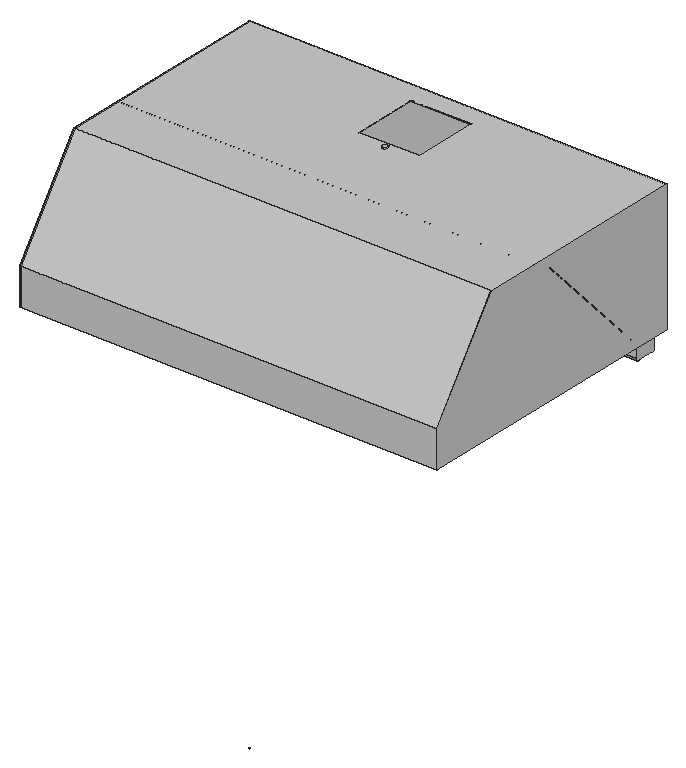
Revit family "QF_ELECTROLUXPROFESSIONAL_644221_ABPV1116BT", category Specialty Equipment, Revit 2014
Reference planes
  plane 1 "Center (Front/Back)": y = 0
  plane 2: z = 0
  plane 3 "Center (Left/Right)": x = 150
  plane 4 "LEFT": x = -650
  plane 5 "RIGHT": x = 950
  plane 6 "BACK": y = 550
  plane 7 "FRONT": y = -550
  plane 8 "TOP": z = 2500
  plane 9 "Base": z = 2000
  plane 10: z = 1926
  plane 11 "DrainY": y = 485
  plane 12: x = -647
  plane 13: through (0, 414.509, 2000.8) normal (0, 0.7314, 0.682)
  plane 14: y = 470
  plane 15: y = 220
  plane 16 "DrainX": x = 830
  plane 17: x = 33.5
  plane 18: x = 266.5
  plane 19: x = 947
  plane 20: x = 740
  plane 21: x = 920
  plane 22: x = -450
  plane 23: x = 750
  plane 24: x = -47.5
  plane 25: x = 347.5
  plane 26: z = 2140
  plane 27: y = -290
  plane 28: y = 200
Forms (mm)
  Extrusion 1, solid, material "QF_Finishes_Stainless Steel"
    sketch origin (-650, 0, 360) x (0, 1, 0) y (0, 0, 1)
      loop
        line (550, 1640) -> (550, 2140) -> (-290, 2140) -> (-550, 1780) -> (-550, 1640) -> (550, 1640)
    from 0 to 3
  Extrusion 2, solid, material "QF_Finishes_Stainless Steel"
    sketch origin (150, 0, 360) x (0, 1, 0) y (0, 0, 1)
      loop
        line (415.255, 1640) -> (550, 1640) -> (550, 2139.19) -> (549.2, 2139.19) -> (549.2, 1640.8) -> (415.876, 1640.8) -> (339.347, 1722.867) -> (349.609, 1732.436) -> (348.927, 1733.167) -> (337.934, 1722.917) -> (415.255, 1640)
      loop
        line (-82.203, 2139.19) -> (-82.203, 2118.6) -> (-31.047, 2118.6) -> (34.354, 2048.466) -> (46.028, 2059.352) -> (45.346, 2060.083) -> (34.403, 2049.879) -> (-30.612, 2119.6) -> (-81.203, 2119.6) -> (-81.203, 2139.19) -> (-82.203, 2139.19)
    from -797 to 797
  Extrusion 3, solid, material "QF_Finishes_Stainless Steel"
    sketch origin (950, 0, 360) x (0, 1, 0) y (0, 0, 1)
      loop
        line (550, 1640) -> (550, 2140) -> (-290, 2140) -> (-550, 1780) -> (-550, 1640) -> (550, 1640)
    from 0 to -3
  Extrusion 4, solid, material "QF_Finishes_Stainless Steel"
    sketch origin (150, 0, 360) x (0, 1, 0) y (0, 0, 1)
      loop
        line (-290, 2140) -> (-550, 1780) -> (-550, 1640) -> (-549.2, 1640) -> (-549.2, 1779.741) -> (-289.598, 2139.19) -> (550, 2139.19) -> (550, 2140) -> (-290, 2140)
    from -800 to 800
  Extrusion 5, solid, material "QF_Finishes_Stainless Steel"
    sketch origin (150, 0, 360) x (0, 1, 0) y (0, 0, 1)
      loop
        line (534, 1640) -> (436, 1640) -> (436, 1627) -> (443.5, 1627) -> (443.5, 1576)
        arc (443.5, 1576) -> (446.429, 1568.929) -> (453.5, 1566) r 10
        line (453.5, 1566) -> (516.5, 1566)
        arc (516.5, 1566) -> (523.571, 1568.929) -> (526.5, 1576) r 10
        line (526.5, 1576) -> (526.5, 1627) -> (534, 1627) -> (534, 1640)
    from 590 to 770
  Extrusion 6, solid, material "QF_Finishes_Stainless Steel"
    sketch origin (0, 0, 2000) x (0, 1, 0) y (-1, 0, 0)
      loop
        circle (485, -830) r 20
    from -76 to -74
  Extrusion 7, solid, material "QF_Finished_Chrome"
    sketch origin (150, 0, 360) x (0, 1, 0) y (0, 0, 1)
      loop
        line (337.934, 1722.917) -> (341.591, 1726.327) -> (38.011, 2051.876) -> (34.354, 2048.466) -> (337.934, 1722.917)
    from -197.5 to -600
  Extrusion 8, solid, material "QF_Finishes_Stainless Steel"
    sketch origin (150, 0, 360) x (0, 1, 0) y (0, 0, 1)
      loop
        line (337.934, 1722.917) -> (341.591, 1726.327) -> (38.011, 2051.876) -> (34.354, 2048.466) -> (337.934, 1722.917)
    from 797 to 600
  Extrusion 9, solid, material "QF_Finished_Chrome"
    sketch origin (150, 0, 360) x (0, 1, 0) y (0, 0, 1)
      loop
        line (341.588, 1726.324) -> (38.009, 2051.874) -> (34.354, 2048.466) -> (337.934, 1722.917) -> (341.588, 1726.324)
    from 197.5 to 600
  Extrusion 10, void
    sketch origin (0, 0, 2500) x (0, 1, 0) y (-1, 0, 0)
      loop
        line (470, -266.5) -> (470, -33.5) -> (220, -33.5) -> (220, -266.5) -> (470, -266.5)
    from 0 to -10
  Extrusion 11, solid, material "QF_Finishes_Stainless Steel"
    sketch origin (0, 0, 0) x (1, 0, 0) y (0, 1, 0)
      loop
        line (-650, 550) -> (-650, 549) -> (-649, 549) -> (-649, 550) -> (-650, 550)
    from 0 to 1
  Extrusion 12, solid, material "QF_Finishes_Stainless Steel"
    sketch origin (150, 0, 360) x (0, 1, 0) y (0, 0, 1)
      loop
        line (337.934, 1722.917) -> (341.591, 1726.327) -> (38.011, 2051.876) -> (34.354, 2048.466) -> (337.934, 1722.917)
    from -600 to -797
  Extrusion 13, solid, material "QF_Finishes_Stainless Steel"
    sketch origin (150, 0, 360) x (0, 1, 0) y (0, 0, 1)
      loop
        line (337.934, 1722.917) -> (341.591, 1726.327) -> (38.011, 2051.876) -> (34.354, 2048.466) -> (337.934, 1722.917)
    from 197.5 to -197.5
  Extrusion 14, solid, material "QF_Finishes_Stainless Steel"
    sketch origin (0, 0, 2500) x (0, 1, 0) y (-1, 0, 0)
      loop
        circle (200, -150) r 10
    from 0 to 1.6
Cuts and joins
  Extrusion 10 cuts Extrusion 4
  joined: Extrusion 2, Extrusion 4
Lines and regions (mm)
  reference lines
    curve 1: line (150, 34.354, 2408.466) -> (150, 34.354, 2248.466)
  symbolic lines, style "SpecialityEquipment", detail levels coarse
    curve 2: line (950, 550, 2500) -> (-650, 550, 2500)
    curve 3: line (-650, 550, 2500) -> (-650, -550, 2500)
    curve 4: line (950, -550, 2500) -> (950, 550, 2500)
    curve 5: line (-650, -550, 2500) -> (950, -550, 2500)
    curve 6: line (266.5, 220, 2500) -> (33.5, 220, 2500)
    curve 7: line (266.5, 470, 2500) -> (266.5, 220, 2500)
    curve 8: line (33.5, 470, 2500) -> (266.5, 470, 2500)
    curve 9: line (33.5, 220, 2500) -> (33.5, 470, 2500)
    curve 10: line (950, -289.598, 0) -> (-650, -289.598, 0)
    curve 11: line (-650, -289.598, 0) -> (950, 550, 0)
    curve 12: line (-650, 550, 0) -> (950, -289.598, 0)
Dimensions and locks
  plane 4 "LEFT" to plane 5 "RIGHT" = 1600 mm
  equal spacing: plane 4 "LEFT", plane 3 "Center (Left/Right)", plane 5 "RIGHT"
  locked: plane 8 "TOP" to plane 9 "Base" at 500
  plane 9 "Base" to plane 10 = 74 mm
  plane 6 "BACK" to plane 11 "DrainY" = 65 mm  (x2)
  plane 4 "LEFT" to plane 12 = 3 mm
  plane 6 "BACK" to plane 14 = 80 mm
  plane 14 to plane 15 = 250 mm  (x2)
  plane 16 "DrainX" to plane 5 "RIGHT" = 120 mm
  plane 19 to plane 5 "RIGHT" = 3 mm
  locked: plane 20 to plane 16 "DrainX" at 90
  locked: plane 16 "DrainX" to plane 21 at 90
  plane 6 "BACK" to plane 7 "FRONT" = 1100 mm  (x2)
  equal spacing: plane 6 "BACK", plane 1 "Center (Front/Back)", plane 7 "FRONT"
  plane 15 to plane 7 "FRONT" = 770 mm
  plane 14 to plane 6 "BACK" = 80 mm
  plane 4 "LEFT" to plane 22 = 200 mm
  plane 23 to plane 5 "RIGHT" = 200 mm
  locked: plane 24 to plane 25 at 395
  equal spacing: plane 24, plane 3 "Center (Left/Right)", plane 25
  locked: plane 17 to plane 18 at 233
  equal spacing: plane 17, plane 3 "Center (Left/Right)", plane 18
  locked: plane 9 "Base" to level at 2000
  plane 26 to plane 9 "Base" = 140 mm
  plane 27 to plane 7 "FRONT" = 260 mm
  plane 15 to plane 28 = 20 mm
  aligned and locked: level to plane 2
  aligned and locked: Extrusion 2 to Extrusion 1
  aligned and locked: Extrusion 2 to Extrusion 3
  aligned and locked: plane 5 "RIGHT" to Extrusion 4
  aligned and locked: Extrusion 4 to plane 4 "LEFT"
  aligned and locked: plane 19 to Extrusion 8
  aligned and locked: Extrusion 10 to plane 17
  aligned and locked: Extrusion 10 to plane 15
  aligned and locked: Extrusion 10 to plane 14
  aligned and locked: Extrusion 2 to Extrusion 4
  aligned and locked: plane 21 to Extrusion 5
  aligned and locked: Extrusion 5 to plane 20
  aligned and locked: Extrusion 8 to plane 23
  aligned and locked: Extrusion 9 to plane 23
  aligned and locked: Extrusion 7 to plane 22
  aligned and locked: Extrusion 12 to plane 12
  aligned and locked: plane 22 to Extrusion 12
  aligned and locked: Extrusion 3 to plane 19
  aligned and locked: Extrusion 10 to plane 18
  aligned and locked: plane 18 to curve 7
  aligned and locked: plane 25 to Extrusion 13
  aligned and locked: Extrusion 13 to plane 24
  aligned and locked: Extrusion 9 to plane 25
Automatic sketch dimensions
  curve 5 to plane 5 "RIGHT" = 0 mm
  curve 5 to plane 7 "FRONT" = 0 mm
  curve 6 to plane 15 = 0 mm
  plane 14 to curve 8 = 0 mm
  curve 3 to plane 4 "LEFT" = 0 mm
  curve 3 to plane 6 "BACK" = 0 mm
  curve 6 to plane 17 = 0 mm
  Extrusion 2 sketch curve to plane 13 = 0 mm  (x3)
  Extrusion 2 sketch curve to plane 9 "Base" = 0 mm
  plane 13 to Extrusion 2 sketch curve = 0 mm
  Extrusion 2 sketch curve to plane 6 "BACK" = 0 mm
  Extrusion 2 sketch curve to Extrusion 2 sketch curve = 65.646 mm
  Extrusion 2 sketch curve to Extrusion 2 sketch curve = 0.682 mm  (x2)
  Extrusion 2 sketch curve to Extrusion 2 sketch curve = 10.261 mm
  plane 9 "Base" to Extrusion 2 sketch curve = 82.917 mm
  Extrusion 2 sketch curve to plane 1 "Center (Front/Back)" = 46.028 mm
  Extrusion 2 sketch curve to Extrusion 2 sketch curve = 10.942 mm
  Extrusion 2 sketch curve to Extrusion 2 sketch curve = 0.049 mm
  Extrusion 2 sketch curve to plane 8 "TOP" = 20.4 mm
  Extrusion 2 sketch curve to plane 8 "TOP" = 21.4 mm
  Extrusion 2 sketch curve to plane 8 "TOP" = 0.81 mm  (x2)
  Extrusion 2 sketch curve to Extrusion 2 sketch curve = 50.156 mm
  Extrusion 2 sketch curve to Extrusion 2 sketch curve = 1 mm
  plane 9 "Base" to Extrusion 2 sketch curve = 0.8 mm
  Extrusion 2 sketch curve to plane 6 "BACK" = 0.8 mm
  curve 1 to plane 13 = 0 mm
  curve 1 to plane 1 "Center (Front/Back)" = 34.354 mm
  Extrusion 5 sketch curve to plane 9 "Base" = 0 mm
  Extrusion 5 sketch curve to plane 10 = 0 mm
  Extrusion 5 sketch curve to plane 9 "Base" = 13 mm  (x2)
  plane 14 to Extrusion 5 sketch curve = 34 mm
  Extrusion 5 sketch curve to Extrusion 5 sketch curve = 7.5 mm  (x2)
  Extrusion 5 sketch curve to Extrusion 5 sketch curve = 10 mm
  plane 11 "DrainY" to Extrusion 5 sketch curve = 31.5 mm
  Extrusion 5 sketch curve to plane 6 "BACK" = 23.5 mm
  Extrusion 6 sketch curve to plane 11 "DrainY" = 0 mm
  Extrusion 6 sketch curve to plane 16 "DrainX" = 0 mm
  Extrusion 7 sketch curve to plane 13 = 0 mm  (x2)
  Extrusion 7 sketch curve to plane 1 "Center (Front/Back)" = 34.354 mm
  Extrusion 7 sketch curve to Extrusion 7 sketch curve = 3.657 mm
  plane 9 "Base" to Extrusion 7 sketch curve = 82.917 mm
  Extrusion 8 sketch curve to plane 13 = 0 mm  (x2)
  Extrusion 8 sketch curve to plane 1 "Center (Front/Back)" = 34.354 mm
  Extrusion 8 sketch curve to Extrusion 8 sketch curve = 3.657 mm
  plane 9 "Base" to Extrusion 8 sketch curve = 82.917 mm
  Extrusion 9 sketch curve to plane 13 = 0 mm  (x2)
  Extrusion 9 sketch curve to plane 1 "Center (Front/Back)" = 34.354 mm
  Extrusion 9 sketch curve to Extrusion 9 sketch curve = 3.655 mm
  plane 9 "Base" to Extrusion 9 sketch curve = 82.917 mm
  Extrusion 10 sketch curve to plane 15 = 0 mm
  plane 14 to Extrusion 10 sketch curve = 0 mm
  Extrusion 10 sketch curve to plane 18 = 0 mm
  Extrusion 10 sketch curve to plane 17 = 0 mm
  Extrusion 11 sketch curve to plane 4 "LEFT" = 0 mm
  Extrusion 11 sketch curve to plane 6 "BACK" = 0 mm
  plane 4 "LEFT" to Extrusion 11 sketch curve = 1 mm
  Extrusion 11 sketch curve to Extrusion 11 sketch curve = 1 mm
  Extrusion 12 sketch curve to plane 13 = 0 mm  (x2)
  Extrusion 12 sketch curve to plane 1 "Center (Front/Back)" = 34.354 mm
  Extrusion 12 sketch curve to Extrusion 12 sketch curve = 3.657 mm
  plane 9 "Base" to Extrusion 12 sketch curve = 82.917 mm
  Extrusion 13 sketch curve to plane 13 = 0 mm  (x2)
  Extrusion 13 sketch curve to plane 1 "Center (Front/Back)" = 34.354 mm
  Extrusion 13 sketch curve to Extrusion 13 sketch curve = 3.657 mm
  plane 9 "Base" to Extrusion 13 sketch curve = 82.917 mm
  curve 1 to curve 1 = 160 mm
  Extrusion 4 sketch curve to plane 7 "FRONT" = 0 mm
  Extrusion 4 sketch curve to plane 8 "TOP" = 0 mm
  Extrusion 4 sketch curve to plane 27 = 0 mm
  Extrusion 4 sketch curve to plane 6 "BACK" = 0 mm
  Extrusion 4 sketch curve to plane 26 = 0 mm
  Extrusion 4 sketch curve to Extrusion 4 sketch curve = 0.81 mm
  plane 7 "FRONT" to Extrusion 4 sketch curve = 0.8 mm
  Extrusion 4 sketch curve to plane 27 = 0.402 mm
  Extrusion 4 sketch curve to plane 9 "Base" = 0 mm
  Extrusion 4 sketch curve to plane 26 = 0.259 mm
  Extrusion 1 sketch curve to plane 6 "BACK" = 0 mm
  Extrusion 1 sketch curve to plane 9 "Base" = 0 mm
  Extrusion 1 sketch curve to plane 8 "TOP" = 0 mm
  Extrusion 1 sketch curve to plane 7 "FRONT" = 0 mm
  Extrusion 1 sketch curve to plane 27 = 0 mm
  Extrusion 1 sketch curve to plane 26 = 0 mm
  Extrusion 3 sketch curve to plane 7 "FRONT" = 0 mm
  Extrusion 3 sketch curve to plane 6 "BACK" = 0 mm
  Extrusion 3 sketch curve to plane 9 "Base" = 0 mm
  Extrusion 3 sketch curve to plane 8 "TOP" = 0 mm
  Extrusion 3 sketch curve to plane 27 = 0 mm
  Extrusion 3 sketch curve to plane 26 = 0 mm
  curve 10 to plane 4 "LEFT" = 0 mm
  curve 12 to plane 4 "LEFT" = 0 mm
  curve 11 to plane 5 "RIGHT" = 0 mm
  curve 12 to plane 5 "RIGHT" = 0 mm
  curve 12 to plane 6 "BACK" = 0 mm
  curve 11 to plane 6 "BACK" = 0 mm
  curve 11 to plane 27 = 0.402 mm
  Extrusion 14 sketch curve to plane 3 "Center (Left/Right)" = 0 mm
  plane 28 to Extrusion 14 sketch curve = 0 mm
  radius of Extrusion 6 sketch curve = 20 mm
  radius of Extrusion 14 sketch curve = 10 mm
Connectors
  piping at (830, 485, 1924), diameter 20
    settings: on Extrusion 6, index 1, connector inside diameter 609.6 mm, connector length 0 mm, flow factor 0, pipe flow 0.0 L/s, pressure drop 0.0 Pa, fitting loss kfactor 0, connector angle 0.00°, fixture units 0, engagement length 0 mm, angle of deflection 0.00°, flow configuration 1, flow direction 2, fitting loss method 0, system type 16, joint type 0, gender type 0, connector reference index -1, connector utility 0, adjustable connector no, is connector primary yes, connector description "Drain"
  hvac at (150, 345, 2500)
    settings: on Extrusion 10, index 2, duct flow 0.0 L/s, flow factor 0, pres drop 0.0 Pa, loss coef 0, conn angle 0.00°, conn width 250 mm, conn height 233 mm, conn diameter 609.6 mm, duct sys type 3, conn prof type 1, flow config 1, flow direction 2, loss method 0, conn ref index -1, conn util no, is conn primary yes, conn desc "EXHAUST OUTLET"
  electrical at (150, 200, 2501.6)
    settings: on Extrusion 14, index 3, voltage 0 V, apparent load 0 VA, apparent load phase1 0 VA, apparent load phase2 0 VA, apparent load phase3 0 VA, power factor 1, load classification "Other", number of poles 1, system type 30, power factor state 1, is connector primary yes, connector utility no, sub classification motor no, connector description "Electrical Connection"
